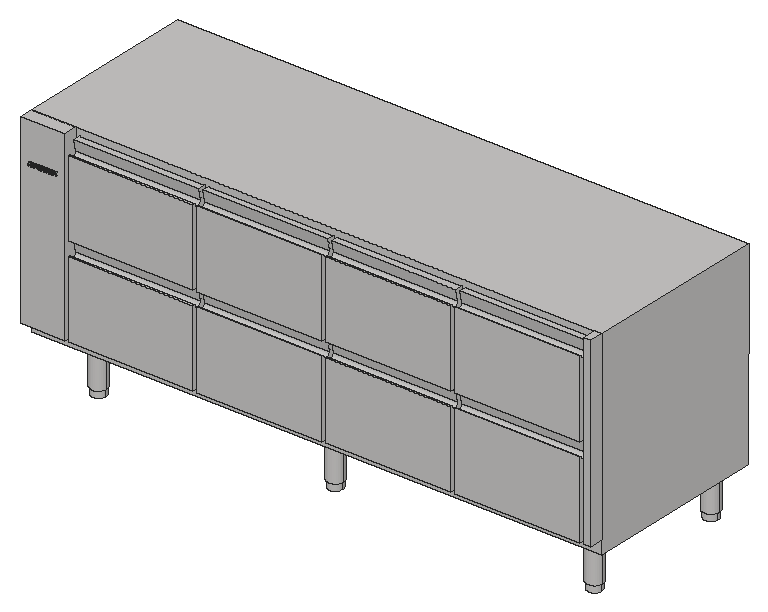
Revit family "QF_ALPENINOX_712189_AK4R8BBBB", category Attrezzature speciali, Revit 2018
Family settings
  Quota connettore circolare = Usa diametro
  Tipo di parte = Normale
  Basato su piano di lavoro = No
  Sempre verticale = Sì
  Taglio con vuoti quando caricato = No
  Condiviso = No
  Punto di calcolo locali = No
Parameters (values of type "Standard")
  Weight = 113.00 kg
  Watts = 30 W
  Volts = 220 V
  URL Manufacturer = "http://www.alpeninox.com"
  URL = "http://www.alpeninox.com"
  Steam Supply Size = 0 mm
  Steam Supply Minimum Pressure = 0.0 Pa
  Steam Supply Maximum Pressure = 0.0 Pa
  Steam Consumption per Hour = 0
  Refrigeration Suction Line Size = 9.5 mm
  Refrigeration Liquid Line Size = 8 mm
  Refrigerant Compressor Remote = yes
  Produttore = "Alpeninox"
  Phase = 1
  Modello = "AK4R8BBBB"
  Length Actual = 2011 mm  # constant formula
  Item Number = "712189"
  Hot Water Size = 0 mm
  Height Actual = 850 mm  # constant formula
  HP = "0 HP"
  Gas Size = 0 mm
  Gas KW = 0
  Gas Input Pressure = 0 W
  Direct Waste Size = 0 mm
  Descrizione = "8X1/2-DRAWER REFRIGERATED COUNTER, -2+10°C, FULL AISI 304, WITHOUT WORK TOP, REMOTE"
  Depth Actual = 700 mm  # constant formula
  Cycle = 50 Hz
  Condensate Return Size = 0 mm
  Compressed Air Volume = 0.0 L/s
  Compressed Air Size = 0 mm
  Compressed Air Pressure = 0.0 Pa
  Cold Water Size = 0 mm
  Accessory = yes
Types (2, lengths in mm): name | URL | Refrigeration Suction Line Size | Refrigeration Liquid Line Size | Produttore | Phase | Modello | Descrizione
  (no name) | 0 | 0 | 0 | 0 | 0 | 0 | 0
  Standard | "http://www.alpeninox.com" | 9.5 | 8 | "Alpeninox" | 1 | "AK4R8BBBB" | "8X1/2-DRAWER REFRIGERATED COUNTER, -2+10°C, FULL AISI 304, WITHOUT WORK TOP, REMOTE"
Values of the unnamed type that differ from the named types
  Weight = 0.00 kg
  Watts = 0 W
  Volts = 0 V
  URL Manufacturer = ""
  Item Number = ""
  HP = ""
  Cycle = 0 Hz
Reference planes
  plane 1: z = 0
  plane 2 "Center (Left/Right)": x = -124.5
  plane 3 "Center (Front/Back)": y = 64.5
  plane 4 "FEET": z = 150
  plane 5 "TOP": z = 900
  plane 6 "PLAIN": z = 850
  plane 7 "EI_back": y = 349
  plane 8 "EI_left": x = -1064
  plane 9 "BACK": y = 412
  plane 10 "FRONT": y = -283
  plane 11 "DOOR": y = -233
  plane 12 "LEFT": x = -1130
  plane 13 "RIGHT": x = 881
  plane 14: x = -1105
  plane 15: x = 856
  plane 16 "RO_left": x = -1049
  plane 17 "RI_left": x = -1024
  plane 18 "RO_back": y = 54
  plane 19 "RI_back": y = 54
  plane 20 "DRAINleft": x = -1064
  plane 21 "DRAINback": y = 164
Forms (mm)
  Extrusion 1, solid, material "QF_Finishes_Stainless Steel"
    sketch origin (-1022.223, -1524, 150) x (-1, 0, 0) y (0, -1, 0)
      loop
        circle (41.777, -1873) r 5
    from 0 to -40
  Extrusion 2, solid, material "QF_Finishes_Stainless Steel"
    sketch origin (-1022.223, -1524, 150) x (-1, 0, 0) y (0, -1, 0)
      loop
        line (-1878.223, -1291) -> (-1878.223, -1241) -> (-1903.223, -1241) -> (-1903.223, -1291) -> (-1878.223, -1291)
    from 48 to 700
  Extrusion 3, solid, material "QF_Finishes_Stainless Steel"
    sketch origin (-1022.223, -1524, 150) x (-1, 0, 0) y (0, -1, 0)
      loop
        circle (26.777, -1578) r 4.25
    from 0 to -20
  Extrusion 4, solid, material "QF_Finishes_Stainless Steel"
    sketch origin (-1022.223, -1524, 150) x (-1, 0, 0) y (0, -1, 0)
      loop
        circle (1.777, -1578) r 4
    from 0 to -20
  Extrusion 5, solid, material "QF_Finishes_Stainless Steel"
    sketch origin (-1022.223, -1524, 150) x (-1, 0, 0) y (0, -1, 0)
      loop
        circle (41.777, -1688) r 8.5
    from 0 to -40
  Extrusion 6, solid, material "QF_Finishes_Stainless Steel"
    sketch origin (-1022.223, -1524, 150) x (-1, 0, 0) y (0, -1, 0)
      loop
        line (107.777, -1936) -> (107.777, -1291) -> (-1903.223, -1291) -> (-1903.223, -1936) -> (107.777, -1936)
    from 0 to 700
Lines and regions (mm)
  symbolic lines, style "SpecialityEquipmentHiddenLines"
    curve 1: line (-1130, 412, 150) -> (881, 412, 150)
    curve 2: line (-1130, -283, 150) -> (-1130, 412, 150)
    curve 3: line (881, -283, 150) -> (-1130, -283, 150)
    curve 4: line (881, 412, 150) -> (881, -283, 150)
    curve 5: line (-1130, -233, 150) -> (881, -233, 150)
    curve 6: line (856, -233, 150) -> (856, -283, 150)
Dimensions and locks
  plane 4 "FEET" to level = 150 mm
  plane 11 "DOOR" to plane 10 "FRONT" = 50 mm
  plane 6 "PLAIN" to plane 4 "FEET" = 700 mm
  plane 5 "TOP" to plane 6 "PLAIN" = 50 mm
  plane 12 "LEFT" to plane 14 = 25 mm
  plane 15 to plane 13 "RIGHT" = 25 mm
  plane 9 "BACK" to plane 18 "RO_back" = 358 mm
  plane 9 "BACK" to plane 7 "EI_back" = 63 mm
  plane 9 "BACK" to plane 19 "RI_back" = 358 mm
  plane 9 "BACK" to plane 21 "DRAINback" = 248 mm
  plane 12 "LEFT" to plane 20 "DRAINleft" = 66 mm
  plane 12 "LEFT" to plane 8 "EI_left" = 66 mm
  plane 12 "LEFT" to plane 17 "RI_left" = 106 mm
  plane 12 "LEFT" to plane 16 "RO_left" = 81 mm
  plane 9 "BACK" to plane 10 "FRONT" = 695 mm
  equal spacing: plane 9 "BACK", plane 3 "Center (Front/Back)", plane 10 "FRONT"
  plane 12 "LEFT" to plane 13 "RIGHT" = 2011 mm
  equal spacing: plane 12 "LEFT", plane 2 "Center (Left/Right)", plane 13 "RIGHT"
  aligned and locked: level to plane 1
Automatic sketch dimensions
  Extrusion 1 sketch curve to plane 7 "EI_back" = 0 mm
  Extrusion 1 sketch curve to plane 8 "EI_left" = 0 mm
  Extrusion 2 sketch curve to plane 11 "DOOR" = 0 mm
  Extrusion 2 sketch curve to plane 13 "RIGHT" = 0 mm
  Extrusion 2 sketch curve to plane 10 "FRONT" = 0 mm
  Extrusion 2 sketch curve to plane 15 = 0 mm
  Extrusion 3 sketch curve to plane 16 "RO_left" = 0 mm
  Extrusion 3 sketch curve to plane 18 "RO_back" = 0 mm
  Extrusion 4 sketch curve to plane 17 "RI_left" = 0 mm
  Extrusion 4 sketch curve to plane 19 "RI_back" = 0 mm
  Extrusion 5 sketch curve to plane 20 "DRAINleft" = 0 mm
  Extrusion 5 sketch curve to plane 21 "DRAINback" = 0 mm
  Extrusion 6 sketch curve to plane 9 "BACK" = 0 mm
  Extrusion 6 sketch curve to plane 13 "RIGHT" = 0 mm
  Extrusion 6 sketch curve to plane 11 "DOOR" = 0 mm
  Extrusion 6 sketch curve to plane 12 "LEFT" = 0 mm
  curve 1 to plane 13 "RIGHT" = 0 mm
  curve 6 to plane 15 = 0 mm
  curve 5 to plane 11 "DOOR" = 0 mm
  curve 5 to plane 12 "LEFT" = 0 mm
  curve 6 to plane 10 "FRONT" = 0 mm
  curve 1 to plane 9 "BACK" = 0 mm
  radius of Extrusion 1 sketch curve = 5 mm
  radius of Extrusion 3 sketch curve = 4.25 mm
  radius of Extrusion 4 sketch curve = 4 mm
  radius of Extrusion 5 sketch curve = 8.5 mm
Nested families
  nested 1: "HPC_Refrigerator" at (881, -283, 0), type "HPC_Refrigerator"
  nested 2: "HPC_FEET" at (-934, 331, 0), type "HPC_FEET"
  nested 3: "HPC_FEET" at (815, 331, 0), type "HPC_FEET"
  nested 4: "HPC_FEET" at (-934, -183, 0), type "HPC_FEET"
  nested 5: "HPC_FEET" at (815, -183, 0), type "HPC_FEET"
  nested 6: "HPC_FEET" at (-99, -183, 0), type "HPC_FEET"
  nested 7: "HPC_APX_REM_TN_L" at (-973.08, -233, 598) x (1, 0, 0) z (0, -1, 0), type "HPC_APX_REM_TN_L"
    with Show Logo yes
  nested 8: "HPC_APX_HALF" at (-740, -233, 512) x (1, 0, 0) z (0, -1, 0), type "HPC_APX_HALF"
    with Show Clearance yes
  nested 9: "HPC_APX_HALF" at (-286, -233, 512) x (1, 0, 0) z (0, -1, 0), type "HPC_APX_HALF"
    with Show Clearance yes
  nested 10: "HPC_APX_HALF" at (168, -233, 512) x (1, 0, 0) z (0, -1, 0), type "HPC_APX_HALF"
    with Show Clearance yes
  nested 11: "HPC_APX_HALF" at (622, -233, 512) x (1, 0, 0) z (0, -1, 0), type "HPC_APX_HALF"
    with Show Clearance yes
Connectors
  electrical at (-1064, 349, 110), driven by "Volts"
    settings: on Extrusion 1, index 1, voltage 220 V, apparent load 0 VA, apparent load phase1 0 VA, apparent load phase2 0 VA, apparent load phase3 0 VA, power factor 1, load classification "Other", number of poles 1, system type 31, power factor state 1, is connector primary yes, connector utility no, sub classification motor no, connector description "Electrical Connection"
  piping at (-1049, 54, 130), diameter 9.5, driven by "Refrigeration Suction Line Size"
    settings: on Extrusion 3, index 3, connector inside diameter 609.6 mm, connector length 0 mm, flow factor 0, pipe flow 0.0 L/s, pressure drop 0.0 Pa, fitting loss kfactor 0, connector angle 0.00°, fixture units 0, engagement length 0 mm, angle of deflection 0.00°, flow configuration 1, flow direction 2, fitting loss method 0, system type 8, joint type 0, gender type 0, connector reference index -1, connector utility 0, adjustable connector no, is connector primary yes, connector description "Refrigerant Outlet"
  piping at (-1024, 54, 130), diameter 8, driven by "Refrigeration Liquid Line Size"
    settings: on Extrusion 4, index 4, connector inside diameter 609.6 mm, connector length 0 mm, flow factor 0, pipe flow 0.0 L/s, pressure drop 0.0 Pa, fitting loss kfactor 0, connector angle 0.00°, fixture units 0, engagement length 0 mm, angle of deflection 0.00°, flow configuration 1, flow direction 1, fitting loss method 0, system type 7, joint type 0, gender type 0, connector reference index -1, connector utility 0, adjustable connector no, is connector primary no, connector description "Refrigerant Inlet"
  piping at (-1064, 164, 110), diameter 17
    settings: on Extrusion 5, index 5, connector inside diameter 609.6 mm, connector length 0 mm, flow factor 0, pipe flow 0.0 L/s, pressure drop 0.0 Pa, fitting loss kfactor 0, connector angle 0.00°, fixture units 0, engagement length 0 mm, angle of deflection 0.00°, flow configuration 1, flow direction 2, fitting loss method 0, system type 16, joint type 0, gender type 0, connector reference index -1, connector utility 0, adjustable connector no, is connector primary no, connector description "Drain"
Definition of nested family "HPC_FEET"
  Parameters
    FEET = 150 mm
  Reference planes
    plane 1 "Center (Front/Back)": y = 0
    plane 2: z = 0
    plane 3 "Center (Left/Right)": x = 0
    plane 4: z = 150
  Forms (mm)
    Revolve 1, solid
      sketch origin (255.05, 0, 608.09) x (0, 0, 1) y (-1, 0, 0)
        loop
          line (-608.09, 255.05) -> (-608.09, 230.05) -> (-583.09, 230.05) -> (-583.09, 226.05) -> (-458.09, 226.05) -> (-458.09, 255.05) -> (-608.09, 255.05)
        axis (-608.09, 255.05) -> (-458.09, 255.05)
      angle from 0 to 360
  Dimensions and locks
    locked: Revolve 1 sketch curve to Revolve 1 sketch curve at 125
    "FEET": plane 4 to plane 2
    aligned and locked: level to plane 2
    aligned and locked: plane 4 to Revolve 1 sketch curve
    aligned and locked: Revolve 1 sketch curve to level
    aligned and locked: plane 3 "Center (Left/Right)" to Revolve 1 sketch curve
  Automatic sketch dimensions
    Revolve 1 sketch curve to plane 3 "Center (Left/Right)" = 0 mm
    Revolve 1 sketch curve to Revolve 1 sketch curve = 25 mm
    Revolve 1 sketch curve to Revolve 1 sketch curve = 29 mm
    plane 4 to Revolve 1 sketch curve = 50 mm
    Revolve 1 sketch curve to Revolve 1 sketch curve = 20 mm
Definition of nested family "HPC_APX_REM_TN_L"
  Parameters
    Show Logo [instance] = yes
    Default Elevation = 1219.2 mm
  Reference planes
    plane 1 "Centro (Fronte/Retro)": y = -74
    plane 2: z = 0
    plane 3 "Centro (Sinistra/Destra)": x = -78.92
  Forms (mm)
    Extrusion 1, solid
      sketch origin (0, 0, 0) x (1, 0, 0) y (0, 1, 0)
        loop
          line (-1219.2, 1219.2) -> (-1219.2, -1219.2) -> (1219.2, -1219.2) -> (1219.2, 1219.2) -> (-1219.2, 1219.2)
      from 0 to -304.8
    Extrusion 2, solid
      sketch origin (1.08, 0, 0) x (1, 0, 0) y (0, 1, 0)
        loop
          line (-158, 252) -> (-158, -400) -> (-2, -400) -> (-2, 252) -> (-158, 252)
      from 0 to 50
    Extrusion 3, solid
      sketch origin (44.22, -49.023, 0) x (1, 0, 0) y (0, 1, 0)
        loop
          line (-168.675, 170.349) -> (-172.411, 160.318)
          arc (-172.411, 160.318) -> (-171.624, 158.497) -> (-169.837, 159.36) r 1.374
          line (-169.837, 159.36) -> (-169.268, 161.111) -> (-164.1, 161.111) -> (-163.54, 159.379)
          arc (-163.54, 159.379) -> (-161.802, 158.542) -> (-161.049, 160.318) r 1.333
          line (-161.049, 160.318) -> (-164.694, 170.349)
          arc (-164.694, 170.349) -> (-166.685, 171.876) -> (-168.675, 170.349) r 2.06
        loop
          line (-166.681, 169.055) -> (-168.469, 163.655) -> (-164.935, 163.655) -> (-166.681, 169.055)
        loop
          arc (-159.705, 160.042) -> (-159.262, 158.973) -> (-158.194, 158.531) r 1.512
          line (-158.194, 158.531) -> (-153.608, 158.531)
          arc (-153.608, 158.531) -> (-152.337, 159.802) -> (-153.608, 161.074) r 1.272
          line (-153.608, 161.074) -> (-156.917, 161.074) -> (-156.917, 170.328)
          arc (-156.917, 170.328) -> (-158.311, 171.722) -> (-159.705, 170.328) r 1.394
          line (-159.705, 170.328) -> (-159.705, 160.042)
        loop
          line (-151.076, 170.218) -> (-151.076, 159.859)
          arc (-151.076, 159.859) -> (-149.683, 158.466) -> (-148.29, 159.859) r 1.393
          line (-148.29, 159.859) -> (-148.29, 162.882) -> (-146.225, 162.882)
          arc (-146.225, 162.882) -> (-142.999, 163.859) -> (-141.608, 166.928) r 4.082
          arc (-141.608, 166.928) -> (-142.993, 170.272) -> (-146.336, 171.657) r 4.728
          line (-146.336, 171.657) -> (-149.638, 171.657)
          arc (-149.638, 171.657) -> (-150.655, 171.235) -> (-151.076, 170.218) r 1.439
        loop
          line (-148.29, 165.313) -> (-146.388, 165.313)
          arc (-146.388, 165.313) -> (-144.433, 167.268) -> (-146.388, 169.222) r 1.955
          line (-146.388, 169.222) -> (-148.29, 169.222) -> (-148.29, 165.313)
        loop
          arc (-131.184, 166.332) -> (-132.004, 168.2) -> (-133.767, 169.228) r 3.3
          arc (-133.767, 169.228) -> (-136.353, 168.661) -> (-137.611, 166.332) r 3.176
          line (-137.611, 166.332) -> (-131.184, 166.332)
        loop
          line (-137.538, 163.743) -> (-130.544, 163.743)
          arc (-130.544, 163.743) -> (-129.292, 163.916) -> (-128.301, 164.701) r 2.4
          arc (-128.301, 164.701) -> (-128.155, 165.545) -> (-128.212, 166.399) r 3.635
          arc (-128.212, 166.399) -> (-130.364, 170.162) -> (-134.39, 171.769) r 6.579
          arc (-134.39, 171.769) -> (-138.918, 169.706) -> (-140.661, 165.044) r 6.501
          arc (-140.661, 165.044) -> (-139.276, 160.789) -> (-135.401, 158.549) r 6.252
          arc (-135.401, 158.549) -> (-132.922, 158.526) -> (-130.544, 159.232) r 8.361
          arc (-130.544, 159.232) -> (-129.466, 159.781) -> (-128.641, 160.666) r 3.486
          arc (-128.641, 160.666) -> (-128.419, 161.592) -> (-128.828, 162.451) r 1.425
          arc (-128.828, 162.451) -> (-129.368, 162.762) -> (-129.99, 162.762) r 1.203
          arc (-129.99, 162.762) -> (-130.406, 162.59) -> (-130.764, 162.316) r 1.724
          arc (-130.764, 162.316) -> (-131.666, 161.705) -> (-132.646, 161.229) r 7.6
          arc (-132.646, 161.229) -> (-135.676, 161.35) -> (-137.538, 163.743) r 3.6
        loop
          line (-126.669, 170.328) -> (-126.669, 159.859)
          arc (-126.669, 159.859) -> (-125.273, 158.463) -> (-123.878, 159.859) r 1.396
          line (-123.878, 159.859) -> (-123.878, 166.785) -> (-117.946, 159.029)
          arc (-117.946, 159.029) -> (-116.361, 158.51) -> (-115.379, 159.859) r 1.417
          line (-115.379, 159.859) -> (-115.379, 170.328)
          arc (-115.379, 170.328) -> (-116.774, 171.723) -> (-118.169, 170.328) r 1.395
          line (-118.169, 170.328) -> (-118.169, 163.311) -> (-124.101, 171.157)
          arc (-124.101, 171.157) -> (-125.687, 171.678) -> (-126.669, 170.328) r 1.418
        loop
          arc (-113.636, 159.859) -> (-112.241, 158.464) -> (-110.847, 159.859) r 1.394
          line (-110.847, 159.859) -> (-110.847, 170.328)
          arc (-110.847, 170.328) -> (-112.241, 171.723) -> (-113.636, 170.328) r 1.394
          line (-113.636, 170.328) -> (-113.636, 159.859)
        loop
          line (-109.102, 170.328) -> (-109.102, 159.859)
          arc (-109.102, 159.859) -> (-107.706, 158.463) -> (-106.31, 159.859) r 1.396
          line (-106.31, 159.859) -> (-106.31, 166.785) -> (-100.378, 159.029)
          arc (-100.378, 159.029) -> (-98.793, 158.51) -> (-97.812, 159.859) r 1.417
          line (-97.812, 159.859) -> (-97.812, 170.328)
          arc (-97.812, 170.328) -> (-99.207, 171.723) -> (-100.602, 170.328) r 1.395
          line (-100.602, 170.328) -> (-100.602, 163.311) -> (-106.533, 171.157)
          arc (-106.533, 171.157) -> (-108.119, 171.678) -> (-109.102, 170.328) r 1.418
        loop
          arc (-96.345, 165.093) -> (-95.619, 161.877) -> (-93.467, 159.379) r 6.806
          arc (-93.467, 159.379) -> (-91.792, 158.566) -> (-89.948, 158.31) r 5.956
          arc (-89.948, 158.31) -> (-88.104, 158.566) -> (-86.43, 159.379) r 5.956
          arc (-86.43, 159.379) -> (-84.277, 161.877) -> (-83.551, 165.093) r 6.806
          arc (-83.551, 165.093) -> (-84.277, 168.31) -> (-86.43, 170.808) r 6.806
          arc (-86.43, 170.808) -> (-88.104, 171.621) -> (-89.948, 171.877) r 5.956
          arc (-89.948, 171.877) -> (-91.792, 171.621) -> (-93.467, 170.808) r 5.956
          arc (-93.467, 170.808) -> (-95.619, 168.31) -> (-96.345, 165.093) r 6.806
        loop
          arc (-93.425, 165.093) -> (-93.138, 163.212) -> (-92.081, 161.629) r 4.387
          arc (-92.081, 161.629) -> (-91.087, 161.049) -> (-89.948, 160.881) r 3.035
          arc (-89.948, 160.881) -> (-88.809, 161.049) -> (-87.815, 161.629) r 3.035
          arc (-87.815, 161.629) -> (-86.759, 163.212) -> (-86.472, 165.093) r 4.387
          arc (-86.472, 165.093) -> (-86.759, 166.975) -> (-87.815, 168.558) r 4.387
          arc (-87.815, 168.558) -> (-88.809, 169.138) -> (-89.948, 169.306) r 3.035
          arc (-89.948, 169.306) -> (-91.087, 169.138) -> (-92.081, 168.558) r 3.035
          arc (-92.081, 168.558) -> (-93.138, 166.975) -> (-93.425, 165.093) r 4.387
        loop
          line (-82.843, 169.609) -> (-79.829, 165.552) -> (-83.513, 160.652)
          arc (-83.513, 160.652) -> (-83.216, 158.692) -> (-81.262, 159.029) r 1.388
          line (-81.262, 159.029) -> (-78.213, 163.232) -> (-75.164, 159.029)
          arc (-75.164, 159.029) -> (-73.211, 158.692) -> (-72.913, 160.652) r 1.388
          line (-72.913, 160.652) -> (-76.597, 165.552) -> (-73.584, 169.609)
          arc (-73.584, 169.609) -> (-73.952, 171.597) -> (-75.908, 171.084) r 1.38
          line (-75.908, 171.084) -> (-78.213, 167.841) -> (-80.519, 171.084)
          arc (-80.519, 171.084) -> (-82.474, 171.597) -> (-82.843, 169.609) r 1.38
      from 50 to 51.6
  Lines and regions (mm)
    Split face 1
      outline origin (1.08, 0, 50) x (1, 0, 0) y (0, 1, 0)
        loop
          line (-2, 188) -> (-158, 188)
    Split face 2
      outline origin (1.08, 0, 50) x (1, 0, 0) y (0, 1, 0)
        loop
          line (-158, 178) -> (-2, 178)
    Split face 3
      outline origin (1.08, 0, 50) x (1, 0, 0) y (0, 1, 0)
        loop
          line (-2, 104) -> (-158, 104)
    Split face 4
      outline origin (1.08, 0, 50) x (1, 0, 0) y (0, 1, 0)
        loop
          line (-2, 94) -> (-158, 94)
    Split face 5
      outline origin (1.08, 0, 50) x (1, 0, 0) y (0, 1, 0)
        loop
          line (-110, 163.931) -> (-110, 134.412) -> (-50, 134.412) -> (-50, 163.931) -> (-110, 163.931)
    Split face 6
      outline origin (1.08, 0, 50) x (1, 0, 0) y (0, 1, 0)
        loop
          line (-70, 160.931) -> (-70, 137.412) -> (-53, 137.412) -> (-53, 160.931) -> (-70, 160.931)
    symbolic lines
      curve 1: line (-2, -74, 50) -> (-2, -74, 0)
  Dimensions and locks
    equal spacing: Extrusion 2, plane 3 "Centro (Sinistra/Destra)", Extrusion 2
    equal spacing: Extrusion 2, plane 1 "Centro (Fronte/Retro)", Extrusion 2
    aligned and locked: plane 2 to Extrusion 1
    aligned and locked: level to Extrusion 1
  Automatic sketch dimensions
    curve 1 to level = 0 mm
    plane 3 "Centro (Sinistra/Destra)" to curve 1 = 76.92 mm
    curve 1 to curve 1 = 50 mm
    Extrusion 1 sketch curve to Extrusion 1 sketch curve = 2438.4 mm  (x2)
    Extrusion 2 sketch curve to plane 3 "Centro (Sinistra/Destra)" = 78 mm
    plane 3 "Centro (Sinistra/Destra)" to Extrusion 2 sketch curve = 78 mm
    plane 1 "Centro (Fronte/Retro)" to Extrusion 2 sketch curve = 326 mm
    Extrusion 2 sketch curve to plane 1 "Centro (Fronte/Retro)" = 326 mm
    Extrusion 3 sketch curve to plane 3 "Centro (Sinistra/Destra)" = 49.27 mm
    Extrusion 3 sketch curve to Extrusion 3 sketch curve = 1.266 mm
    Extrusion 3 sketch curve to Extrusion 3 sketch curve = 1.307 mm
    Extrusion 3 sketch curve to Extrusion 3 sketch curve = 0.57 mm
    Extrusion 3 sketch curve to Extrusion 3 sketch curve = 0.593 mm
    Extrusion 3 sketch curve to Extrusion 3 sketch curve = 0.799 mm
    Extrusion 3 sketch curve to Extrusion 3 sketch curve = 1.99 mm  (x2)
    Extrusion 3 sketch curve to Extrusion 3 sketch curve = 0.003 mm
    Extrusion 3 sketch curve to Extrusion 3 sketch curve = 3.534 mm
    Extrusion 3 sketch curve to Extrusion 3 sketch curve = 0.835 mm
    Extrusion 3 sketch curve to Extrusion 3 sketch curve = 0.56 mm
    Extrusion 3 sketch curve to Extrusion 3 sketch curve = 1.268 mm
    Extrusion 3 sketch curve to Extrusion 3 sketch curve = 1.223 mm
    Extrusion 3 sketch curve to Extrusion 3 sketch curve = 1.344 mm
    Extrusion 3 sketch curve to Extrusion 3 sketch curve = 1.394 mm  (x2)
    Extrusion 3 sketch curve to Extrusion 3 sketch curve = 1.512 mm
    Extrusion 3 sketch curve to Extrusion 3 sketch curve = 3.309 mm
    Extrusion 3 sketch curve to Extrusion 3 sketch curve = 5.841 mm
    Extrusion 3 sketch curve to Extrusion 3 sketch curve = 1.393 mm
    Extrusion 3 sketch curve to Extrusion 3 sketch curve = 1.439 mm
    Extrusion 3 sketch curve to Extrusion 3 sketch curve = 0 mm  (x19)
    Extrusion 3 sketch curve to Extrusion 3 sketch curve = 1.902 mm
    Extrusion 3 sketch curve to Extrusion 3 sketch curve = 0.052 mm
    Extrusion 3 sketch curve to Extrusion 3 sketch curve = 2.065 mm
    Extrusion 3 sketch curve to Extrusion 3 sketch curve = 0.647 mm
    Extrusion 3 sketch curve to Extrusion 3 sketch curve = 8.079 mm
    Extrusion 3 sketch curve to Extrusion 3 sketch curve = 0.073 mm
    Extrusion 3 sketch curve to Extrusion 3 sketch curve = 2.145 mm
    Extrusion 3 sketch curve to Extrusion 3 sketch curve = 2.931 mm
    Extrusion 3 sketch curve to Extrusion 3 sketch curve = 0.213 mm
    Extrusion 3 sketch curve to Extrusion 3 sketch curve = 0.026 mm
    Extrusion 3 sketch curve to Extrusion 3 sketch curve = 0.263 mm
    Extrusion 3 sketch curve to Extrusion 3 sketch curve = 0.516 mm
    Extrusion 3 sketch curve to Extrusion 3 sketch curve = 0.356 mm
    Extrusion 3 sketch curve to Extrusion 3 sketch curve = 0.387 mm
    Extrusion 3 sketch curve to Extrusion 3 sketch curve = 2.378 mm
    Extrusion 3 sketch curve to Extrusion 3 sketch curve = 2.466 mm
    Extrusion 3 sketch curve to Extrusion 3 sketch curve = 0.602 mm
    Extrusion 3 sketch curve to Extrusion 3 sketch curve = 1.02 mm
    Extrusion 3 sketch curve to Extrusion 3 sketch curve = 0.949 mm
    Extrusion 3 sketch curve to Extrusion 3 sketch curve = 1.728 mm
    Extrusion 3 sketch curve to Extrusion 3 sketch curve = 0.157 mm  (x2)
    Extrusion 3 sketch curve to Extrusion 3 sketch curve = 0.292 mm
    Extrusion 3 sketch curve to plane 3 "Centro (Sinistra/Destra)" = 3.529 mm
    Extrusion 3 sketch curve to Extrusion 3 sketch curve = 1.396 mm  (x2)
    Extrusion 3 sketch curve to Extrusion 3 sketch curve = 1.418 mm  (x2)
    Extrusion 3 sketch curve to plane 3 "Centro (Sinistra/Destra)" = 0.96 mm
    plane 3 "Centro (Sinistra/Destra)" to Extrusion 3 sketch curve = 4.971 mm
    Extrusion 3 sketch curve to Extrusion 3 sketch curve = 0.224 mm  (x2)
    Extrusion 3 sketch curve to Extrusion 3 sketch curve = 1.149 mm  (x2)
    Extrusion 3 sketch curve to Extrusion 3 sketch curve = 1.395 mm  (x2)
    Extrusion 3 sketch curve to Extrusion 3 sketch curve = 1.744 mm
    Extrusion 3 sketch curve to Extrusion 3 sketch curve = 1.745 mm
    Extrusion 3 sketch curve to Extrusion 3 sketch curve = 1.151 mm
    Extrusion 3 sketch curve to Extrusion 3 sketch curve = 5.709 mm
    Extrusion 3 sketch curve to Extrusion 3 sketch curve = 6.963 mm
    Extrusion 3 sketch curve to Extrusion 3 sketch curve = 0.493 mm  (x3)
    Extrusion 3 sketch curve to Extrusion 3 sketch curve = 0.273 mm  (x2)
    Extrusion 3 sketch curve to Extrusion 3 sketch curve = 0.021 mm  (x2)
    Extrusion 3 sketch curve to Extrusion 3 sketch curve = 0.226 mm  (x2)
    Extrusion 3 sketch curve to Extrusion 3 sketch curve = 0.268 mm  (x2)
    Extrusion 3 sketch curve to Extrusion 3 sketch curve = 0.294 mm
    Extrusion 3 sketch curve to Extrusion 3 sketch curve = 5.534 mm
    Extrusion 3 sketch curve to Extrusion 3 sketch curve = 6.205 mm
    Extrusion 3 sketch curve to Extrusion 3 sketch curve = 1.109 mm  (x2)
    Extrusion 3 sketch curve to Extrusion 3 sketch curve = 1.108 mm  (x2)
    Extrusion 3 sketch curve to Extrusion 3 sketch curve = 1.142 mm  (x2)
    Extrusion 3 sketch curve to Extrusion 3 sketch curve = 1.216 mm  (x2)
    Extrusion 3 sketch curve to Extrusion 3 sketch curve = 3.013 mm
    Extrusion 3 sketch curve to Extrusion 3 sketch curve = 1.616 mm  (x3)
    Extrusion 3 sketch curve to Extrusion 3 sketch curve = 2.305 mm
    Extrusion 3 sketch curve to Extrusion 3 sketch curve = 3.049 mm
    Extrusion 3 sketch curve to plane 1 "Centro (Fronte/Retro)" = 183.508 mm
    Extrusion 3 sketch curve to Extrusion 3 sketch curve = 0.498 mm
    Extrusion 3 sketch curve to Extrusion 3 sketch curve = 0.682 mm
    Extrusion 3 sketch curve to Extrusion 3 sketch curve = 0.664 mm
    Extrusion 3 sketch curve to Extrusion 3 sketch curve = 0.425 mm
    Extrusion 3 sketch curve to Extrusion 3 sketch curve = 0.41 mm
    Extrusion 3 sketch curve to Extrusion 3 sketch curve = 1.272 mm
    Extrusion 3 sketch curve to Extrusion 3 sketch curve = 0.789 mm  (x2)
    Extrusion 3 sketch curve to Extrusion 3 sketch curve = 0.056 mm
    Extrusion 3 sketch curve to Extrusion 3 sketch curve = 0.83 mm
    Extrusion 3 sketch curve to Extrusion 3 sketch curve = 1.238 mm
    Extrusion 3 sketch curve to Extrusion 3 sketch curve = 1.732 mm
    Extrusion 3 sketch curve to Extrusion 3 sketch curve = 0.346 mm
    Extrusion 3 sketch curve to Extrusion 3 sketch curve = 1.123 mm
    Extrusion 3 sketch curve to Extrusion 3 sketch curve = 3.023 mm
    Extrusion 3 sketch curve to Extrusion 3 sketch curve = 4.203 mm
    Extrusion 3 sketch curve to Extrusion 3 sketch curve = 3.452 mm  (x2)
    Extrusion 3 sketch curve to Extrusion 3 sketch curve = 2.544 mm
    Extrusion 3 sketch curve to Extrusion 3 sketch curve = 1.177 mm
    Extrusion 3 sketch curve to Extrusion 3 sketch curve = 3.261 mm
    Extrusion 3 sketch curve to Extrusion 3 sketch curve = 0.352 mm  (x2)
    Extrusion 3 sketch curve to Extrusion 3 sketch curve = 1.987 mm
    Extrusion 3 sketch curve to Extrusion 3 sketch curve = 0.171 mm
    Extrusion 3 sketch curve to Extrusion 3 sketch curve = 0.533 mm  (x3)
    Extrusion 3 sketch curve to Extrusion 3 sketch curve = 0.14 mm  (x4)
    Extrusion 3 sketch curve to Extrusion 3 sketch curve = 0.473 mm
    Extrusion 3 sketch curve to Extrusion 3 sketch curve = 0.31 mm  (x2)
    Extrusion 3 sketch curve to Extrusion 3 sketch curve = 0.075 mm
    Extrusion 3 sketch curve to Extrusion 3 sketch curve = 2.431 mm
    Extrusion 3 sketch curve to Extrusion 3 sketch curve = 2.32 mm  (x2)
    Extrusion 3 sketch curve to Extrusion 3 sketch curve = 1.992 mm
    Extrusion 3 sketch curve to Extrusion 3 sketch curve = 0.674 mm
    Extrusion 3 sketch curve to Extrusion 3 sketch curve = 0.732 mm
    Extrusion 3 sketch curve to Extrusion 3 sketch curve = 0.388 mm
    Extrusion 3 sketch curve to Extrusion 3 sketch curve = 0.121 mm
    Extrusion 3 sketch curve to Extrusion 3 sketch curve = 2.589 mm
    Extrusion 3 sketch curve to Extrusion 3 sketch curve = 0.662 mm
    Extrusion 3 sketch curve to Extrusion 3 sketch curve = 3.473 mm
    Extrusion 3 sketch curve to Extrusion 3 sketch curve = 0.681 mm
    Extrusion 3 sketch curve to Extrusion 3 sketch curve = 1.615 mm
    Extrusion 3 sketch curve to Extrusion 3 sketch curve = 0.34 mm
    Extrusion 3 sketch curve to Extrusion 3 sketch curve = 2.288 mm
    Extrusion 3 sketch curve to Extrusion 3 sketch curve = 0.942 mm
    Extrusion 3 sketch curve to Extrusion 3 sketch curve = 5.4 mm
    Extrusion 3 sketch curve to Extrusion 3 sketch curve = 1.768 mm  (x2)
    Extrusion 3 sketch curve to Extrusion 3 sketch curve = 0.761 mm
    Extrusion 3 sketch curve to Extrusion 3 sketch curve = 0.996 mm
    Extrusion 3 sketch curve to Extrusion 3 sketch curve = 3.543 mm  (x2)
    Extrusion 3 sketch curve to Extrusion 3 sketch curve = 7.017 mm
    Extrusion 3 sketch curve to Extrusion 3 sketch curve = 0.11 mm
    Extrusion 3 sketch curve to Extrusion 3 sketch curve = 0.823 mm  (x2)
    Extrusion 3 sketch curve to Extrusion 3 sketch curve = 0.947 mm
    Extrusion 3 sketch curve to Extrusion 3 sketch curve = 3.837 mm
    Extrusion 3 sketch curve to Extrusion 3 sketch curve = 0.623 mm
    Extrusion 3 sketch curve to Extrusion 3 sketch curve = 1.082 mm
    Extrusion 3 sketch curve to Extrusion 3 sketch curve = 0.801 mm
    Extrusion 3 sketch curve to Extrusion 3 sketch curve = 1 mm
    Extrusion 3 sketch curve to Extrusion 3 sketch curve = 0.089 mm
    Extrusion 3 sketch curve to Extrusion 3 sketch curve = 4.257 mm
    Extrusion 3 sketch curve to Extrusion 3 sketch curve = 4.345 mm  (x2)
    Extrusion 3 sketch curve to Extrusion 3 sketch curve = 2.576 mm
    Extrusion 3 sketch curve to Extrusion 3 sketch curve = 1.385 mm  (x4)
    Extrusion 3 sketch curve to Extrusion 3 sketch curve = 2.133 mm  (x4)
    Extrusion 3 sketch curve to Extrusion 3 sketch curve = 3.518 mm
    Extrusion 3 sketch curve to Extrusion 3 sketch curve = 5.603 mm
    Extrusion 3 sketch curve to Extrusion 3 sketch curve = 2.571 mm
    Split face 1 sketch curve to Extrusion 2 = 0 mm  (x2)
    Split face 1 sketch curve to Extrusion 2 = 64 mm
    Split face 2 sketch curve to Extrusion 2 = 0 mm
    Split face 2 sketch curve to Extrusion 2 = 74 mm
    Extrusion 2 to Split face 2 sketch curve = 0 mm
    Split face 3 sketch curve to Extrusion 2 = 0 mm  (x2)
    Split face 3 sketch curve to Extrusion 2 = 148 mm
    Split face 4 sketch curve to Extrusion 2 = 0 mm  (x2)
    Split face 4 sketch curve to Extrusion 2 = 158 mm
    Split face 5 sketch curve to Extrusion 2 = 48 mm  (x2)
    Split face 5 sketch curve to Extrusion 2 = 117.588 mm
    Split face 5 sketch curve to Split face 5 sketch curve = 29.518 mm
    Split face 6 sketch curve to Extrusion 2 = 68 mm
    Split face 6 sketch curve to Split face 6 sketch curve = 17 mm
    Split face 6 sketch curve to Extrusion 2 = 114.588 mm
    Split face 6 sketch curve to Split face 6 sketch curve = 23.518 mm
Definition of nested family "HPC_APX_HALF"
  Parameters
    Show Clearance [instance] = yes
    Default Elevation = 1219.2 mm
  Reference planes
    plane 1 "Center (Front/Back)": y = 0
    plane 2: z = 0
    plane 3 "Center (Left/Right)": x = 0
    plane 4: x = -234
    plane 5: x = 234
    plane 6: z = 618
  Forms (mm)
    Extrusion 1, solid
      sketch origin (0, 0, 0) x (1, 0, 0) y (0, 1, 0)
        loop
          line (-1219.2, 1219.2) -> (-1219.2, -1219.2) -> (1219.2, -1219.2) -> (1219.2, 1219.2) -> (-1219.2, 1219.2)
      from 0 to -304.8
    Extrusion 2, solid
      sketch origin (0, 0, 0) x (0, 1, 0) y (0, 0, 1)
        loop
          line (314, 0) -> (314, 26) -> (274.395, 17)
          arc (274.395, 17) -> (260.395, 31) -> (274.395, 45) r 14
          line (274.395, 45) -> (274.395, 50) -> (5, 50) -> (5, 0) -> (314, 0)
        loop
          line (-5, 0) -> (-5, 26) -> (-44.605, 17)
          arc (-44.605, 17) -> (-58.605, 31) -> (-44.605, 45) r 14
          line (-44.605, 45) -> (-44.605, 50) -> (-314, 50) -> (-314, 0) -> (-5, 0)
      from -220 to 220
    Extrusion 3, solid, visible <- "Show Clearance", detail levels coarse
      sketch origin (0, 0, 512) x (0, 1, 0) y (0, 0, 1)
        loop
          line (-314, 106) -> (-314, -462) -> (-5, -462) -> (-5, 82) -> (-44.605, 73)
          arc (-44.605, 73) -> (-58.605, 87) -> (-44.605, 101) r 14
          line (-44.605, 101) -> (-44.605, 106) -> (-314, 106)
        loop
          line (314, -462) -> (314, 82) -> (274.395, 73)
          arc (274.395, 73) -> (260.395, 87) -> (274.395, 101) r 14
          line (274.395, 101) -> (274.395, 106) -> (5, 106) -> (5, -462) -> (314, -462)
      from -220 to 220
  Lines and regions (mm)
    symbolic lines
      curve 1: line (220, 0, 139.793) -> (-220, 0, 139.793)
      curve 2: line (220, 0, 174.793) -> (-220, 0, 174.793)
      curve 3: line (220, 0, 259.793) -> (-220, 0, 259.793)
      curve 4: line (220, 0, 294.793) -> (-220, 0, 294.793)
      curve 5: line (191.424, 0, 139.793) -> (191.424, 0, 54.793)
      curve 6: line (-190, 0, 139.793) -> (-190, 0, 54.793)
      curve 7: line (191.424, 0, 259.793) -> (191.424, 0, 174.793)
      curve 8: line (-190, 0, 259.793) -> (-190, 0, 174.793)
      curve 9: line (220, 0, 259.793) -> (220, 0, 294.793)
      curve 10: line (-220, 0, 259.793) -> (-220, 0, 294.793)
      curve 11: line (220, 0, 139.793) -> (220, 0, 174.793)
      curve 12: line (-220, 0, 139.793) -> (-220, 0, 174.793)
  Dimensions and locks
    plane 4 to plane 3 "Center (Left/Right)" to plane 5 = 234 mm locked, 234 mm locked
    plane 6 to level = 618 mm
    aligned and locked: plane 2 to Extrusion 1
    aligned and locked: level to Extrusion 1
Definition of nested family "HPC_Refrigerator"
  Reference planes
    plane 1 "Center (Front/Back)": y = 0
    plane 2: z = 0
    plane 3 "Center (Left/Right)": x = 0
  Lines and regions (mm)
    detail lines, in view "Ref. Level"
      curve 1: spline (-500, 190, 0) -> (-493.185, 166.706, 0) -> (-473.205, 145, 0) -> (-441.421, 126.36, 0) -> (-400, 112.058, 0) -> (-351.764, 103.067, 0) -> (-300, 100, 0) -> (-248.236, 103.067, 0) -> (-200, 112.058, 0) -> (-158.579, 126.36, 0) -> (-126.795, 145, 0) -> (-106.815, 166.706, 0) -> (-100, 190, 0) -> (-106.815, 213.294, 0) -> (-126.795, 235, 0) -> (-158.579, 253.64, 0) -> (-200, 267.942, 0) -> (-248.236, 276.933, 0) -> (-300, 280, 0) -> (-351.764, 276.933, 0) -> (-400, 267.942, 0) -> (-441.421, 253.64, 0) -> (-473.205, 235, 0) -> (-493.185, 213.294, 0) -> (-500, 190, 0)
      curve 2: line (-300, 130, 0) -> (-300, 250, 0)
      curve 3: line (-351.962, 220, 0) -> (-248.038, 160, 0)
      curve 4: line (-351.962, 160, 0) -> (-248.038, 220, 0)
      curve 5: line (-280.884, 246.873, 0) -> (-300, 225, 0)
      curve 6: line (-300, 225, 0) -> (-319.116, 246.873, 0)
      curve 7: line (-330.311, 207.5, 0) -> (-339.696, 234.992, 0)
      curve 8: line (-358.812, 201.882, 0) -> (-330.311, 207.5, 0)
      curve 9: line (-330.311, 172.5, 0) -> (-358.812, 178.118, 0)
      curve 10: line (-339.696, 145.008, 0) -> (-330.311, 172.5, 0)
      curve 11: line (-300, 155, 0) -> (-319.116, 133.127, 0)
      curve 12: line (-280.884, 133.127, 0) -> (-300, 155, 0)
      curve 13: line (-269.689, 172.5, 0) -> (-260.304, 145.008, 0)
      curve 14: line (-241.188, 178.118, 0) -> (-269.689, 172.5, 0)
      curve 15: line (-269.689, 207.5, 0) -> (-241.188, 201.882, 0)
      curve 16: line (-260.304, 234.992, 0) -> (-269.689, 207.5, 0)
